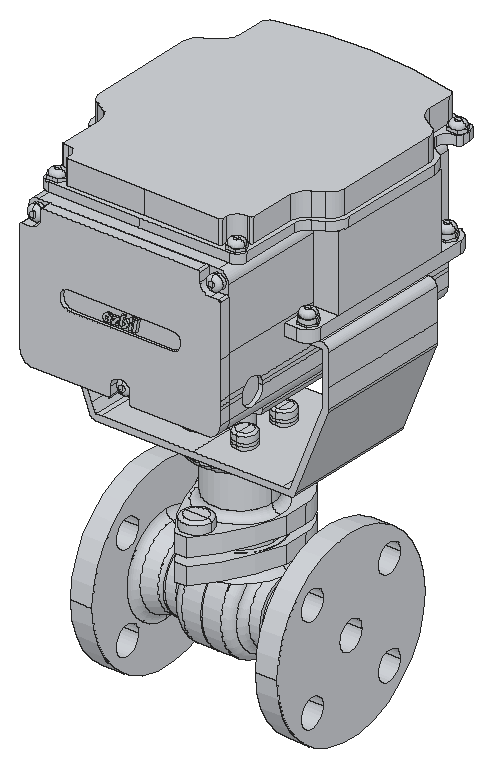
Revit family "電動二方弁(ロゴあり)", category Electrical Equipment, Revit 2022
Family settings
  Round Connector Dimension = Use Diameter
  Part Type = Other Panel
  OmniClass Number = 23.80.30.11.17
  OmniClass Title = Distribution Boards and Control Panels
  Work Plane-Based = No
  Always vertical = Yes
  Cut with Voids When Loaded = No
  Maintain Annotation Orientation = No
  Shared = No
  Room Calculation Point = No
Parameters
  配線φ(左側) [instance] = 14.031 mm
  配線φ(右側) [instance] = 14.031 mm
  配管φ [instance] = 95 mm
  配管2φ [instance] = 95 mm
  Default Elevation = 0 mm
  IfcObjectType = ""
  IfcName = ""
  IfcLongName = ""
  IfcExportType = ""
  IfcExportAs = ""
  IfcDescription = ""
Reference planes
  plane 1 "中心(正面/背面)": y = 0
  plane 2: z = 0
  plane 3 "中心(左/右)": x = 0
Forms (mm)
  Extrusion 1, solid
    sketch origin (0, 0, -77.064) x (0, 1, 0) y (0, 0, 1)
      loop
        circle (0, 124.5) r 47.5
    from 45.882 to 56.882
  Extrusion 2, void
    sketch origin (0, 0, -77) x (0, 1, 0) y (0, 0, 1)
      loop
        circle (-24.749, 149.249) r 7.5
    from 45.882 to 56.882
  Extrusion 3, void
    sketch origin (0, 49.497, -77) x (0, 1, 0) y (0, 0, 1)
      loop
        circle (-24.749, 149.249) r 7.5
    from 45.882 to 56.882
  Extrusion 4, void
    sketch origin (0, 0, -126.498) x (0, 1, 0) y (0, 0, 1)
      loop
        circle (-24.749, 149.249) r 7.5
    from 45.882 to 56.882
  Extrusion 5, void
    sketch origin (0, 49.497, -126.498) x (0, 1, 0) y (0, 0, 1)
      loop
        circle (-24.749, 149.249) r 7.5
    from 45.882 to 56.882
  Extrusion 6, void
    sketch origin (0, 24.749, -101.749) x (0, 1, 0) y (0, 0, 1)
      loop
        circle (-24.749, 149.249) r 7.5
    from 45.882 to 56.882
  Extrusion 7, solid
    sketch origin (-95, 0, -77.064) x (0, 1, 0) y (0, 0, 1)
      loop
        circle (0, 124.5) r 47.5
    from 45.882 to 56.882
  Extrusion 8, void
    sketch origin (-95, 0, -77) x (0, 1, 0) y (0, 0, 1)
      loop
        circle (-24.749, 149.249) r 7.5
    from 45.882 to 56.882
  Extrusion 9, solid
    sketch origin (0.118, 0, 0) x (1, 0, 0) y (0, 0, 1)
      loop
        line (-51.618, 196.3) -> (-51.618, 199.5) -> (-66.618, 199.5)
        arc (-66.618, 199.5) -> (-69.235, 198.416) -> (-70.318, 195.8) r 3.7
        line (-70.318, 195.8) -> (-70.318, 179.5) -> (-70.318, 169.594)
        arc (-70.318, 169.594) -> (-70.255, 168.913) -> (-70.068, 168.255) r 3.7
        line (-70.068, 168.255) -> (-53.226, 124.861)
        arc (-53.226, 124.861) -> (-51.866, 123.147) -> (-49.776, 122.5) r 3.7
        line (-49.776, 122.5) -> (49.539, 122.5)
        arc (49.539, 122.5) -> (51.629, 123.147) -> (52.989, 124.861) r 3.7
        line (52.989, 124.861) -> (69.831, 168.255)
        arc (69.831, 168.255) -> (70.018, 168.913) -> (70.082, 169.594) r 3.7
        line (70.082, 169.594) -> (70.082, 179.5) -> (70.082, 195.8)
        arc (70.082, 195.8) -> (68.998, 198.416) -> (66.382, 199.5) r 3.7
        line (66.382, 199.5) -> (51.182, 199.5) -> (51.182, 196.3) -> (66.382, 196.3)
        arc (66.382, 196.3) -> (66.735, 196.154) -> (66.882, 195.8) r 0.5
        line (66.882, 195.8) -> (66.882, 169.5) -> (64.355, 162.99) -> (49.882, 125.7) -> (46.449, 125.7) -> (-0.118, 125.7) -> (-46.686, 125.7) -> (-50.118, 125.7) -> (-51.928, 130.361) -> (-64.592, 162.99) -> (-67.118, 169.5) -> (-67.118, 195.8)
        arc (-67.118, 195.8) -> (-66.972, 196.154) -> (-66.618, 196.3) r 0.5
        line (-66.618, 196.3) -> (-51.618, 196.3)
    from -38.424 to 30.5
  Extrusion 10, solid
    sketch origin (0, -461.789, 0) x (1, 0, 0) y (0, 1, 0)
      loop
        arc (0, 545.194) -> (-22.618, 543.895) -> (-44.938, 540.014) r 197.5
        arc (-44.938, 540.014) -> (-47.717, 538.253) -> (-48.8, 535.145) r 5
        line (-48.8, 535.145) -> (-48.8, 522.279)
        arc (-48.8, 522.279) -> (-50.006, 517.779) -> (-53.3, 514.485) r 9
        line (-53.3, 514.485) -> (-58.8, 511.309)
        arc (-58.8, 511.309) -> (-61.728, 508.381) -> (-62.8, 504.381) r 8
        line (-62.8, 504.381) -> (-62.8, 450.408)
        arc (-62.8, 450.408) -> (-61.728, 446.408) -> (-58.8, 443.479) r 8
        line (-58.8, 443.479) -> (-53.3, 440.304)
        arc (-53.3, 440.304) -> (-50.006, 437.01) -> (-48.8, 432.51) r 9
        line (-48.8, 432.51) -> (-48.8, 409.394)
        arc (-48.8, 409.394) -> (-48.507, 408.687) -> (-47.8, 408.394) r 1
        line (-47.8, 408.394) -> (-46, 408.394)
        arc (-46, 408.394) -> (-41.757, 406.637) -> (-40, 402.394) r 6
        line (-40, 402.394) -> (-40, 400.594)
        arc (-40, 400.594) -> (-39.707, 399.887) -> (-39, 399.594) r 1
        line (-39, 399.594) -> (0, 399.594) -> (39, 399.594)
        arc (39, 399.594) -> (39.707, 399.887) -> (40, 400.594) r 1
        line (40, 400.594) -> (40, 402.394)
        arc (40, 402.394) -> (41.757, 406.637) -> (46, 408.394) r 6
        line (46, 408.394) -> (47.8, 408.394)
        arc (47.8, 408.394) -> (48.507, 408.687) -> (48.8, 409.394) r 1
        line (48.8, 409.394) -> (48.8, 432.51)
        arc (48.8, 432.51) -> (50.006, 437.01) -> (53.3, 440.304) r 9
        line (53.3, 440.304) -> (58.8, 443.479)
        arc (58.8, 443.479) -> (61.728, 446.408) -> (62.8, 450.408) r 8
        line (62.8, 450.408) -> (62.8, 504.381)
        arc (62.8, 504.381) -> (61.728, 508.381) -> (58.8, 511.309) r 8
        line (58.8, 511.309) -> (53.3, 514.485)
        arc (53.3, 514.485) -> (50.006, 517.779) -> (48.8, 522.279) r 9
        line (48.8, 522.279) -> (48.8, 535.145)
        arc (48.8, 535.145) -> (47.717, 538.253) -> (44.938, 540.014) r 5
        arc (44.938, 540.014) -> (22.618, 543.895) -> (0, 545.194) r 197.5
    from 248.5 to 260.5
  Extrusion 11, solid
    sketch origin (0, -461.789, 0) x (1, 0, 0) y (0, 1, 0)
      loop
        arc (0, 547.894) -> (-28.126, 545.907) -> (-55.692, 539.984) r 200
        arc (-55.692, 539.984) -> (-58.298, 538.185) -> (-59.3, 535.182) r 5
        line (-59.3, 535.182) -> (-59.3, 531.092)
        arc (-59.3, 531.092) -> (-58.732, 529.695) -> (-57.35, 529.092) r 2
        arc (-57.35, 529.092) -> (-53.205, 527.284) -> (-51.5, 523.094) r 6
        line (-51.5, 523.094) -> (-51.5, 522.106)
        arc (-51.5, 522.106) -> (-52.304, 519.106) -> (-54.5, 516.909) r 6
        line (-54.5, 516.909) -> (-60.5, 513.445)
        arc (-60.5, 513.445) -> (-64.16, 509.785) -> (-65.5, 504.785) r 10
        line (-65.5, 504.785) -> (-65.5, 450.003)
        arc (-65.5, 450.003) -> (-64.16, 445.003) -> (-60.5, 441.343) r 10
        line (-60.5, 441.343) -> (-55, 438.168)
        arc (-55, 438.168) -> (-52.438, 435.606) -> (-51.5, 432.106) r 7
        line (-51.5, 432.106) -> (-51.5, 401.894)
        arc (-51.5, 401.894) -> (-50.036, 398.359) -> (-46.5, 396.894) r 5
        line (-46.5, 396.894) -> (0, 396.894) -> (46.5, 396.894)
        arc (46.5, 396.894) -> (50.036, 398.359) -> (51.5, 401.894) r 5
        line (51.5, 401.894) -> (51.5, 432.106)
        arc (51.5, 432.106) -> (52.438, 435.606) -> (55, 438.168) r 7
        line (55, 438.168) -> (60.5, 441.343)
        arc (60.5, 441.343) -> (64.16, 445.003) -> (65.5, 450.003) r 10
        line (65.5, 450.003) -> (65.5, 504.785)
        arc (65.5, 504.785) -> (64.16, 509.785) -> (60.5, 513.445) r 10
        line (60.5, 513.445) -> (54.5, 516.909)
        arc (54.5, 516.909) -> (52.304, 519.106) -> (51.5, 522.106) r 6
        line (51.5, 522.106) -> (51.5, 523.094)
        arc (51.5, 523.094) -> (53.205, 527.284) -> (57.35, 529.092) r 6
        arc (57.35, 529.092) -> (58.732, 529.695) -> (59.3, 531.092) r 2
        line (59.3, 531.092) -> (59.3, 535.182)
        arc (59.3, 535.182) -> (58.298, 538.185) -> (55.692, 539.984) r 5
        arc (55.692, 539.984) -> (28.126, 545.907) -> (0, 547.894) r 200
    from 244 to 248.5
  Extrusion 12, solid
    sketch origin (0, -461.789, 0) x (1, 0, 0) y (0, 1, 0)
      loop
        circle (-58, 432.394) r 4.25
    from 206.5 to 208.5
  Extrusion 13, solid
    sketch origin (0, -461.789, 0) x (1, 0, 0) y (0, 1, 0)
      loop
        line (-60.454, 436.644) -> (-62.907, 432.394) -> (-60.454, 428.144) -> (-55.546, 428.144) -> (-53.093, 432.394) -> (-55.546, 436.644) -> (-58, 436.644) -> (-60.454, 436.644)
    from 205.5 to 206.5
  Revolve 14, solid, detail levels fine
    sketch origin (91.963, -59.403, 0) x (1, 0, 0) y (0, 0, 1)
      loop
        arc (-47.868, 252.7) -> (-49.481, 251.883) -> (-49.776, 250.1) r 2
        line (-49.776, 250.1) -> (-46.118, 250.1) -> (-46.118, 252.7) -> (-47.868, 252.7)
      axis (-46.118, 252.7) -> (-46.118, 250.1)
    angle from 0 to 360
  Revolve 15, solid
    sketch origin (-0.037, -59.403, 0) x (1, 0, 0) y (0, 0, 1)
      loop
        arc (-47.868, 252.7) -> (-49.481, 251.883) -> (-49.776, 250.1) r 2
        line (-49.776, 250.1) -> (-46.118, 250.1) -> (-46.118, 252.7) -> (-47.868, 252.7)
      axis (-46.118, 252.7) -> (-46.118, 250.1)
    angle from 0 to 360
  Extrusion 16, solid
    sketch origin (0.118, -20, 0) x (1, 0, 0) y (0, 0, 1)
      loop
        line (-46.13, 233.5) -> (-50.618, 233.5)
        arc (-50.618, 233.5) -> (-51.326, 233.207) -> (-51.618, 232.5) r 1
        line (-51.618, 232.5) -> (-51.618, 206.5) -> (-51.618, 187.2) -> (-51.618, 184.874) -> (-51.618, 182.778) -> (-51.618, 176)
        arc (-51.618, 176) -> (-49.568, 171.05) -> (-44.618, 169) r 7
        line (-44.618, 169) -> (-6.118, 169)
        arc (-6.118, 169) -> (-5.411, 169.293) -> (-5.118, 170) r 1
        line (-5.118, 170) -> (-5.118, 174.5)
        arc (-5.118, 174.5) -> (-3.654, 178.036) -> (-0.118, 179.5) r 5
        arc (-0.118, 179.5) -> (3.417, 178.036) -> (4.882, 174.5) r 5
        line (4.882, 174.5) -> (4.882, 170)
        arc (4.882, 170) -> (5.174, 169.293) -> (5.882, 169) r 1
        line (5.882, 169) -> (44.382, 169)
        arc (44.382, 169) -> (49.331, 171.05) -> (51.382, 176) r 7
        line (51.382, 176) -> (51.382, 182.778) -> (51.382, 184.874) -> (51.382, 187.2) -> (51.382, 206.5) -> (51.382, 232.5)
        arc (51.382, 232.5) -> (51.089, 233.207) -> (50.382, 233.5) r 1
        line (50.382, 233.5) -> (45.893, 233.5)
        arc (45.893, 233.5) -> (42.358, 234.965) -> (40.893, 238.5) r 5
        line (40.893, 238.5) -> (40.893, 243)
        arc (40.893, 243) -> (40.601, 243.707) -> (39.893, 244) r 1
        line (39.893, 244) -> (-40.13, 244)
        arc (-40.13, 244) -> (-40.838, 243.707) -> (-41.13, 243) r 1
        line (-41.13, 243) -> (-41.13, 238.5)
        arc (-41.13, 238.5) -> (-42.595, 234.965) -> (-46.13, 233.5) r 5
    from 51.5 to 57
  Extrusion 17, solid
    sketch origin (0, 0, 0) x (1, 0, 0) y (0, 0, 1)
      loop
        line (-13.607, 161) -> (-13.607, 139.5) -> (-0.118, 139.5) -> (13.607, 139.5) -> (13.607, 161) -> (-0.118, 161) -> (-13.607, 161)
    from -13.607 to 13.607
  Revolve 18, solid
    sketch origin (0, 0, 0) x (0, 1, 0) y (0, 0, 1)
      loop
        line (-6, 137.956) -> (-6.5, 137.09) -> (-6.5, 125.7) -> (0, 125.7) -> (0, 137.956) -> (-6, 137.956)
      axis (0, 137.956) -> (0, 125.7)
    angle from 0 to 360
  Revolve 19, solid
    sketch origin (-12.5, 0, 0) x (0, 1, 0) y (0, 0, 1)
      loop
        arc (-16.752, 132.9) -> (-17.541, 132.594) -> (-18.025, 131.9) r 1.452
        line (-18.025, 131.9) -> (-18.025, 128.9) -> (-12.5, 128.9) -> (-12.5, 132.9) -> (-16.752, 132.9)
      axis (-12.5, 132.9) -> (-12.5, 128.9)
    angle from 0 to 360
  Extrusion 20, solid, detail levels fine
    sketch origin (103.688, -491.798, 0) x (1, 0, 0) y (0, 1, 0)
      loop
        line (-60.731, 436.165) -> (-62.907, 432.394) -> (-60.775, 428.7) -> (-55.225, 428.7) -> (-53.093, 432.394) -> (-55.269, 436.165) -> (-58, 436.165) -> (-60.731, 436.165)
    from 248.5 to 250.1
  Extrusion 21, solid
    sketch origin (11.688, -491.798, 0) x (1, 0, 0) y (0, 1, 0)
      loop
        line (-60.731, 436.165) -> (-62.907, 432.394) -> (-60.775, 428.7) -> (-55.225, 428.7) -> (-53.093, 432.394) -> (-55.269, 436.165) -> (-58, 436.165) -> (-60.731, 436.165)
    from 248.5 to 250.1
  Extrusion 22, solid
    sketch origin (0, 0, 0) x (1, 0, 0) y (0, 0, 1)
      loop
        arc (51.382, 238.7) -> (49.829, 242.448) -> (46.082, 244) r 5.3
        line (46.082, 244) -> (-46.318, 244)
        arc (-46.318, 244) -> (-50.066, 242.448) -> (-51.618, 238.7) r 5.3
        line (-51.618, 238.7) -> (-51.618, 206.5) -> (-51.618, 187.2) -> (-51.618, 184.874) -> (-51.618, 182.778) -> (-51.618, 176)
        arc (-51.618, 176) -> (-49.568, 171.05) -> (-44.618, 169) r 7
        line (-44.618, 169) -> (-0.118, 169) -> (44.382, 169)
        arc (44.382, 169) -> (49.331, 171.05) -> (51.382, 176) r 7
        line (51.382, 176) -> (51.382, 182.778) -> (51.382, 184.874) -> (51.382, 187.2) -> (51.382, 206.5) -> (51.382, 238.7)
    from -69.008 to 71.5
  Extrusion 23, solid, detail levels medium+fine
    sketch origin (0, 0, 0) x (1, 0, 0) y (0, 0, 1)
      loop
        arc (-56.98, 162.726) -> (-58.567, 164.386) -> (-60.863, 164.437) r 3
        line (-60.863, 164.437) -> (-64.592, 162.99) -> (-51.928, 130.361) -> (-48.199, 131.809)
        arc (-48.199, 131.809) -> (-46.539, 133.395) -> (-46.487, 135.691) r 3
        line (-46.487, 135.691) -> (-56.98, 162.726)
    from -4.258 to 4.152
  Revolve 24, solid
    sketch origin (0, 0, 0) x (1, 0, 0) y (0, 0, 1)
      loop
        line (-27.754, 65.728) -> (-34.829, 68.303)
        arc (-34.829, 68.303) -> (-37.214, 70.133) -> (-38.118, 73.001) r 5
        line (-38.118, 73.001) -> (-38.118, 47.5) -> (-24.643, 47.5) -> (-24.643, 65.897)
        arc (-24.643, 65.897) -> (-26.18, 65.505) -> (-27.754, 65.728) r 4
      axis (-38.118, 47.5) -> (-24.643, 47.5)
    angle from 0 to 360
  Revolve 25, solid
    sketch origin (0, 0, 0) x (1, 0, 0) y (0, 0, 1)
      loop
        line (45.882, 47.5) -> (24.643, 47.5) -> (24.643, 30.5) -> (31.652, 30.5) -> (38.006, 30.5)
        arc (38.006, 30.5) -> (40.717, 30.126) -> (43.224, 29.03) r 10
        arc (43.224, 29.03) -> (45.166, 27.191) -> (45.882, 24.613) r 5
        line (45.882, 24.613) -> (45.882, 47.5)
      axis (24.643, 47.5) -> (45.882, 47.5)
    angle from 0 to 360
  Revolve 26, solid
    sketch origin (0, 0, 0) x (1, 0, 0) y (0, 0, 1)
      loop
        line (-24.643, 47.5) -> (-24.643, 29.5) -> (-18.893, 29.5)
        arc (-18.893, 29.5) -> (-16.399, 28.627) -> (-14.994, 26.389) r 4
        arc (-14.994, 26.389) -> (-13.237, 23.591) -> (-10.118, 22.5) r 5
        line (-10.118, 22.5) -> (0, 22.5) -> (0, 47.5) -> (-24.643, 47.5)
      axis (0, 47.5) -> (-24.643, 47.5)
    angle from 0 to 360
  Revolve 27, solid
    sketch origin (0, 0, 0) x (-1, 0, 0) y (0, 0, 1)
      loop
        line (-24.643, 47.5) -> (-24.643, 29.5) -> (-18.893, 29.5)
        arc (-18.893, 29.5) -> (-16.399, 28.627) -> (-14.994, 26.389) r 4
        arc (-14.994, 26.389) -> (-13.237, 23.591) -> (-10.118, 22.5) r 5
        line (-10.118, 22.5) -> (0, 22.5) -> (0, 47.5) -> (-24.643, 47.5)
      axis (0, 47.5) -> (-24.643, 47.5)
    angle from 0 to 360
  Revolve 28, solid
    sketch origin (-12.5, 0, 0) x (0, 1, 0) y (0, 0, 1)
      loop
        line (-18.025, 128.9) -> (-18.025, 127.3) -> (-18.025, 125.7) -> (-12.5, 125.7) -> (-12.5, 128.9) -> (-18.025, 128.9)
      axis (-12.5, 128.9) -> (-12.5, 125.7)
    angle from 0 to 360
  Revolve 29, solid
    sketch origin (-12.5, 25, 0) x (0, 1, 0) y (0, 0, 1)
      loop
        arc (-16.752, 132.9) -> (-17.541, 132.594) -> (-18.025, 131.9) r 1.452
        line (-18.025, 131.9) -> (-18.025, 128.9) -> (-12.5, 128.9) -> (-12.5, 132.9) -> (-16.752, 132.9)
      axis (-12.5, 132.9) -> (-12.5, 128.9)
    angle from 0 to 360
  Revolve 30, solid
    sketch origin (-12.5, 25, 0) x (0, 1, 0) y (0, 0, 1)
      loop
        line (-18.025, 128.9) -> (-18.025, 127.3) -> (-18.025, 125.7) -> (-12.5, 125.7) -> (-12.5, 128.9) -> (-18.025, 128.9)
      axis (-12.5, 128.9) -> (-12.5, 125.7)
    angle from 0 to 360
  Revolve 31, solid
    sketch origin (12.5, 0, 0) x (0, 1, 0) y (0, 0, 1)
      loop
        arc (-16.752, 132.9) -> (-17.541, 132.594) -> (-18.025, 131.9) r 1.452
        line (-18.025, 131.9) -> (-18.025, 128.9) -> (-12.5, 128.9) -> (-12.5, 132.9) -> (-16.752, 132.9)
      axis (-12.5, 132.9) -> (-12.5, 128.9)
    angle from 0 to 360
  Revolve 32, solid
    sketch origin (12.5, 0, 0) x (0, 1, 0) y (0, 0, 1)
      loop
        line (-18.025, 128.9) -> (-18.025, 127.3) -> (-18.025, 125.7) -> (-12.5, 125.7) -> (-12.5, 128.9) -> (-18.025, 128.9)
      axis (-12.5, 128.9) -> (-12.5, 125.7)
    angle from 0 to 360
  Revolve 33, solid
    sketch origin (12.5, 25, 0) x (0, 1, 0) y (0, 0, 1)
      loop
        arc (-16.752, 132.9) -> (-17.541, 132.594) -> (-18.025, 131.9) r 1.452
        line (-18.025, 131.9) -> (-18.025, 128.9) -> (-12.5, 128.9) -> (-12.5, 132.9) -> (-16.752, 132.9)
      axis (-12.5, 132.9) -> (-12.5, 128.9)
    angle from 0 to 360
  Revolve 34, solid
    sketch origin (12.5, 25, 0) x (0, 1, 0) y (0, 0, 1)
      loop
        line (-18.025, 128.9) -> (-18.025, 127.3) -> (-18.025, 125.7) -> (-12.5, 125.7) -> (-12.5, 128.9) -> (-18.025, 128.9)
      axis (-12.5, 128.9) -> (-12.5, 125.7)
    angle from 0 to 360
  Revolve 35, solid
    sketch origin (0, 0, 0) x (1, 0, 0) y (0, 0, 1)
      loop
        line (-4.75, 139.5) -> (-4.75, 137.956) -> (0, 137.956) -> (0, 139.5) -> (-4.75, 139.5)
      axis (0, 139.5) -> (0, 137.956)
    angle from 0 to 360
  Revolve 36, solid
    sketch origin (0, 0, 0) x (1, 0, 0) y (0, 0, 1)
      loop
        line (0, 77) -> (-20, 77) -> (-20, 73.103)
        arc (-20, 73.103) -> (-21.527, 68.402) -> (-25.524, 65.495) r 8
        line (-25.524, 65.495) -> (-18.847, 65.495)
        arc (-18.847, 65.495) -> (-16.351, 66.373) -> (-14.953, 68.62) r 3.988
        arc (-14.953, 68.62) -> (-13.31, 71.404) -> (-10.268, 72.5) r 4.769
        line (-10.268, 72.5) -> (0, 72.5) -> (0, 77)
      axis (0, 77) -> (0, 65.495)
    angle from 0 to 360
  Extrusion 37, solid
    sketch origin (0, 0, 0) x (1, 0, 0) y (0, 0, 1)
      loop
        line (-47, 169.152) -> (-47, 167.5)
        arc (-47, 167.5) -> (-46.121, 165.379) -> (-44, 164.5) r 3
        line (-44, 164.5) -> (44, 164.5)
        arc (44, 164.5) -> (46.121, 165.379) -> (47, 167.5) r 3
        line (47, 167.5) -> (47, 169.462)
        arc (47, 169.462) -> (45.784, 169.119) -> (44.525, 169) r 7
        line (44.525, 169) -> (-42.442, 169)
        arc (-42.442, 169) -> (-44.734, 168.695) -> (-47, 169.152) r 7
    from -44 to 44
  Revolve 38, solid
    sketch origin (0, -28, 0) x (1, 0, 0) y (0, 0, 1)
      loop
        line (0, 95.717) -> (-5.688, 95.717)
        arc (-5.688, 95.717) -> (-6.779, 95.427) -> (-7.583, 94.633) r 2.201
        line (-7.583, 94.633) -> (-7.583, 90.3) -> (0, 90.3) -> (0, 95.717)
      axis (0, 95.717) -> (0, 90.3)
    angle from 0 to 360
  Revolve 39, solid
    sketch origin (0, 0, 0) x (1, 0, 0) y (0, 0, 1)
      loop
        arc (-18.5, 115.3) -> (-17.086, 114.714) -> (-16.5, 113.3) r 2
        line (-16.5, 113.3) -> (-16.5, 94.3)
        arc (-16.5, 94.3) -> (-17.672, 91.472) -> (-20.5, 90.3) r 4
        line (-20.5, 90.3) -> (0, 90.3) -> (0, 115.3) -> (-18.5, 115.3)
      axis (0, 90.3) -> (0, 115.3)
    angle from 0 to 360
  Revolve 40, solid, detail levels fine
    sketch origin (0, 0, 0) x (1, 0, 0) y (0, 0, 1)
      loop
        line (-4, 81.3) -> (-4, 77) -> (0, 77) -> (0, 81.3) -> (-4, 81.3)
      axis (0, 77) -> (0, 81.3)
    angle from 0 to 360
  Extrusion 41, solid
    sketch origin (0, -461.789, 210) x (1, 0, 0) y (0, 1, 0)
      loop
        line (65, 432.394) -> (65, 522.394)
        arc (65, 522.394) -> (63.715, 526.436) -> (60.333, 528.994) r 7
        arc (60.333, 528.994) -> (59.578, 529.473) -> (59.107, 530.234) r 2
        arc (59.107, 530.234) -> (58.39, 529.415) -> (57.35, 529.092) r 2
        arc (57.35, 529.092) -> (53.205, 527.284) -> (51.5, 523.094) r 6
        line (51.5, 523.094) -> (51.5, 425.394) -> (58, 425.394)
        arc (58, 425.394) -> (62.95, 427.445) -> (65, 432.394) r 7
    from -10.5 to -4.5
  Extrusion 42, solid
    sketch origin (0, -461.789, 210) x (-1, 0, 0) y (0, -1, 0)
      loop
        arc (65, -432.394) -> (62.95, -427.445) -> (58, -425.394) r 7
        line (58, -425.394) -> (51.5, -425.394) -> (51.5, -523.094)
        arc (51.5, -523.094) -> (53.205, -527.284) -> (57.35, -529.092) r 6
        arc (57.35, -529.092) -> (58.39, -529.415) -> (59.107, -530.234) r 2
        arc (59.107, -530.234) -> (59.578, -529.473) -> (60.333, -528.994) r 2
        arc (60.333, -528.994) -> (63.715, -526.436) -> (65, -522.394) r 7
        line (65, -522.394) -> (65, -432.394)
    from -10.5 to -4.5
  Extrusion 43, solid, detail levels medium+fine
    sketch origin (0, 0, 0) x (-1, 0, 0) y (0, 0, -1)
      loop
        line (-56.98, -162.726) -> (-46.487, -135.691)
        arc (-46.487, -135.691) -> (-46.539, -133.395) -> (-48.199, -131.809) r 3
        line (-48.199, -131.809) -> (-51.928, -130.361) -> (-64.592, -162.99) -> (-60.863, -164.437)
        arc (-60.863, -164.437) -> (-58.567, -164.386) -> (-56.98, -162.726) r 3
    from -4.258 to 4.152
  Extrusion 44, solid
    sketch origin (0, 0, 0) x (1, 0, 0) y (0, 0, 1)
      loop
        line (-28.5, 161) -> (28.5, 161) -> (28.5, 161.788) -> (-28.5, 161.788) -> (-28.5, 161)
    from -28.5 to 28.511
  Revolve 45, solid
    sketch origin (0, -30, 0) x (1, 0, 0) y (0, 0, 1)
      loop
        line (-60.5, 199.5) -> (-60.5, 197.236) -> (-58.25, 197.236) -> (-58.25, 199.5) -> (-60.5, 199.5)
      axis (-58.25, 199.5) -> (-58.25, 197.236)
    angle from 0 to 360
  Revolve 46, solid
    sketch origin (0, 60, 0) x (1, 0, 0) y (0, 0, 1)
      loop
        line (-60.5, 199.5) -> (-60.5, 197.236) -> (-58.25, 197.236) -> (-58.25, 199.5) -> (-60.5, 199.5)
      axis (-58.25, 199.5) -> (-58.25, 197.236)
    angle from 0 to 360
  Revolve 47, solid
    sketch origin (116.875, -30, 0) x (1, 0, 0) y (0, 0, 1)
      loop
        line (-60.5, 199.5) -> (-60.5, 197.236) -> (-58.25, 197.236) -> (-58.25, 199.5) -> (-60.5, 199.5)
      axis (-58.25, 199.5) -> (-58.25, 197.236)
    angle from 0 to 360
  Revolve 48, solid
    sketch origin (116.875, 60, 0) x (1, 0, 0) y (0, 0, 1)
      loop
        line (-60.5, 199.5) -> (-60.5, 197.236) -> (-58.25, 197.236) -> (-58.25, 199.5) -> (-60.5, 199.5)
      axis (-58.25, 199.5) -> (-58.25, 197.236)
    angle from 0 to 360
  Extrusion 49, solid
    sketch origin (-364.746, -162.773, 80.3) x (1, 0, 0) y (0, 1, 0)
      loop
        arc (341.746, 163.987) -> (349.545, 143.272) -> (361.7, 124.773) r 100.225
        line (361.7, 124.773) -> (367.792, 124.773)
        arc (367.792, 124.773) -> (379.948, 143.272) -> (387.746, 163.987) r 100.225
        line (387.746, 163.987) -> (387.746, 176.305)
        arc (387.746, 176.305) -> (383.257, 189.309) -> (371.7, 196.773) r 21.077
        line (371.7, 196.773) -> (357.792, 196.773)
        arc (357.792, 196.773) -> (346.236, 189.309) -> (341.746, 176.305) r 21.077
        line (341.746, 176.305) -> (341.746, 163.987)
    from 1 to 10
  Revolve 50, solid
    sketch origin (0, 0, 0) x (1, 0, 0) y (0, 0, 1)
      loop
        line (-25, 122.5) -> (-25, 117.3)
        arc (-25, 117.3) -> (-24.414, 115.886) -> (-23, 115.3) r 2
        line (-23, 115.3) -> (0, 115.3) -> (0, 122.5) -> (-25, 122.5)
      axis (0, 115.3) -> (0, 122.5)
    angle from 0 to 360
  Extrusion 51, solid
    sketch origin (-364.746, -162.773, 67) x (1, 0, 0) y (0, 1, 0)
      loop
        arc (341.746, 163.987) -> (349.545, 143.272) -> (361.7, 124.773) r 100.225
        line (361.7, 124.773) -> (367.792, 124.773)
        arc (367.792, 124.773) -> (379.948, 143.272) -> (387.746, 163.987) r 100.225
        line (387.746, 163.987) -> (387.746, 176.305)
        arc (387.746, 176.305) -> (383.257, 189.309) -> (371.7, 196.773) r 21.077
        line (371.7, 196.773) -> (357.792, 196.773)
        arc (357.792, 196.773) -> (346.236, 189.309) -> (341.746, 176.305) r 21.077
        line (341.746, 176.305) -> (341.746, 163.987)
    from 1 to 10
  Revolve 52, solid, detail levels medium+fine
    sketch origin (-13.227, 0, 0) x (1, 0, 0) y (0, 0, 1)
      loop
        line (-4.273, 81.3) -> (-4.273, 77) -> (13.227, 77) -> (13.227, 81.3) -> (-4.273, 81.3)
      axis (13.227, 77) -> (13.227, 81.3)
    angle from 0 to 360
  Extrusion 53, void
    sketch origin (-95, 49.497, -77) x (0, 1, 0) y (0, 0, 1)
      loop
        circle (-24.749, 149.249) r 7.5
    from 45.882 to 56.882
  Extrusion 54, void
    sketch origin (-95, 49.497, -126.498) x (0, 1, 0) y (0, 0, 1)
      loop
        circle (-24.749, 149.249) r 7.5
    from 45.882 to 56.882
  Extrusion 55, void
    sketch origin (0, 0, -126.498) x (0, 1, 0) y (0, 0, 1)
      loop
        circle (-24.749, 149.249) r 7.5
    from 45.882 to 56.882
  Extrusion 56, void
    sketch origin (-95, 0, -126.498) x (0, 1, 0) y (0, 0, 1)
      loop
        circle (-24.749, 149.249) r 7.5
    from 45.882 to 56.882
  Extrusion 57, void
    sketch origin (-95, 24.749, -101.749) x (0, 1, 0) y (0, 0, 1)
      loop
        circle (-24.749, 149.249) r 7.5
    from 45.882 to 56.882
  Revolve 58, solid
    sketch origin (-46.056, 5.5, 0) x (0, 1, 0) y (0, 0, 1)
      loop
        arc (-78.6, 242.158) -> (-80.383, 241.863) -> (-81.2, 240.25) r 2
        line (-81.2, 240.25) -> (-81.2, 238.5) -> (-78.6, 238.5) -> (-78.6, 242.158)
      axis (-78.6, 238.5) -> (-81.2, 238.5)
    angle from 0 to 360
  Revolve 59, solid
    sketch origin (-46.014, 5.5, 0) x (0, 1, 0) y (0, 0, 1)
      loop
        line (-78.6, 242.25) -> (-78.6, 238.5) -> (-77, 238.5) -> (-77, 242.25) -> (-78.6, 242.25)
      axis (-78.6, 238.5) -> (-77, 238.5)
    angle from 0 to 360
  Revolve 60, solid
    sketch origin (45.944, 5.5, 0) x (0, 1, 0) y (0, 0, 1)
      loop
        arc (-78.6, 242.158) -> (-80.383, 241.863) -> (-81.2, 240.25) r 2
        line (-81.2, 240.25) -> (-81.2, 238.5) -> (-78.6, 238.5) -> (-78.6, 242.158)
      axis (-78.6, 238.5) -> (-81.2, 238.5)
    angle from 0 to 360
  Revolve 61, solid
    sketch origin (45.986, 5.5, 0) x (0, 1, 0) y (0, 0, 1)
      loop
        line (-78.6, 242.25) -> (-78.6, 238.5) -> (-77, 238.5) -> (-77, 242.25) -> (-78.6, 242.25)
      axis (-78.6, 238.5) -> (-77, 238.5)
    angle from 0 to 360
  Revolve 62, solid
    sketch origin (-0.056, 5.5, -64) x (0, 1, 0) y (0, 0, 1)
      loop
        arc (-78.6, 242.158) -> (-80.383, 241.863) -> (-81.2, 240.25) r 2
        line (-81.2, 240.25) -> (-81.2, 238.5) -> (-78.6, 238.5) -> (-78.6, 242.158)
      axis (-78.6, 238.5) -> (-81.2, 238.5)
    angle from 0 to 360
  Revolve 63, solid
    sketch origin (-0.014, 5.5, -64) x (0, 1, 0) y (0, 0, 1)
      loop
        line (-78.6, 242.25) -> (-78.6, 238.5) -> (-77, 238.5) -> (-77, 242.25) -> (-78.6, 242.25)
      axis (-78.6, 238.5) -> (-77, 238.5)
    angle from 0 to 360
  Extrusion 64, solid
    sketch origin (0, 0, 0) x (1, 0, 0) y (0, 0, 1)
      loop
        line (-65, 244) -> (-65, 205.5) -> (-51.618, 205.5) -> (-51.618, 238.7)
        arc (-51.618, 238.7) -> (-50.066, 242.448) -> (-46.318, 244) r 5.3
        line (-46.318, 244) -> (-65, 244)
    from -47.676 to 17.676
  Extrusion 65, solid
    sketch origin (0, 0, 0) x (-1, 0, 0) y (0, 0, -1)
      loop
        line (-65, -244) -> (-46.318, -244)
        arc (-46.318, -244) -> (-50.066, -242.448) -> (-51.618, -238.7) r 5.3
        line (-51.618, -238.7) -> (-51.618, -205.5) -> (-65, -205.5) -> (-65, -244)
    from -47.676 to 17.676
  Extrusion 66, solid
    sketch origin (0, -80.547, 0) x (1, 0, 0) y (0, 0, 1)
      loop
        line (2.028, 209.479) -> (0.657, 209.479) -> (-0.164, 205.244)
        arc (-0.164, 205.244) -> (-0.148, 204.505) -> (0.171, 203.837) r 1.754
        arc (0.171, 203.837) -> (1.022, 203.478) -> (1.944, 203.525) r 2.069
        arc (1.944, 203.525) -> (3.516, 204.557) -> (4.213, 206.303) r 3.13
        arc (4.213, 206.303) -> (3.45, 207.476) -> (2.05, 207.488) r 1.479
        line (2.05, 207.488) -> (1.419, 206.337) -> (2.028, 209.479)
      loop
        line (7.636, 209.479) -> (6.586, 203.521) -> (7.957, 203.521) -> (9.008, 209.479) -> (7.636, 209.479)
      loop
        line (5.782, 203.521) -> (6.389, 206.963)
        arc (6.389, 206.963) -> (5.696, 206.683) -> (4.953, 206.603) r 2.712
        line (4.953, 206.603) -> (4.41, 203.521) -> (5.782, 203.521)
      loop
        line (-4.41, 203.521) -> (-0.981, 203.521) -> (-0.781, 204.656) -> (-2.4, 204.656) -> (-0.508, 206.642) -> (-0.342, 207.493) -> (-3.677, 207.493) -> (-3.877, 206.358) -> (-2.297, 206.358) -> (-4.254, 204.401) -> (-4.41, 203.521)
      loop
        arc (-4.811, 205.09) -> (-4.628, 206.587) -> (-5.775, 207.566) r 1.594
        arc (-5.775, 207.566) -> (-7.883, 206.92) -> (-8.997, 205.017) r 3.033
        arc (-8.997, 205.017) -> (-8.305, 203.731) -> (-6.863, 203.502) r 1.646
        line (-6.863, 203.502) -> (-6.23, 204.656) -> (-6.372, 203.521) -> (-4.978, 203.521)
        arc (-4.978, 203.521) -> (-4.916, 204.308) -> (-4.811, 205.09) r 14.52
      loop
        spline (4.823, 207.767) -> (4.981, 207.669) -> (5.188, 207.637) -> (5.429, 207.673) -> (5.689, 207.775) -> (5.949, 207.936) -> (6.192, 208.146) -> (6.401, 208.389) -> (6.562, 208.649) -> (6.665, 208.909) -> (6.701, 209.15) -> (6.669, 209.357) -> (6.571, 209.514)
        spline (6.571, 209.514) -> (6.413, 209.613) -> (6.206, 209.645) -> (5.965, 209.609) -> (5.705, 209.506) -> (5.445, 209.345) -> (5.202, 209.136) -> (4.993, 208.893) -> (4.831, 208.632) -> (4.729, 208.373) -> (4.693, 208.131) -> (4.725, 207.925) -> (4.823, 207.767)
    from -4.5 to -3.547
  Extrusion 67, void
    sketch origin (0.074, -80.21, 0) x (1, 0, 0) y (0, 0, 1)
      loop
        spline (-7.641, 204.685) -> (-7.501, 204.603) -> (-7.315, 204.582) -> (-7.094, 204.626) -> (-6.854, 204.73) -> (-6.611, 204.887) -> (-6.381, 205.088) -> (-6.181, 205.318) -> (-6.023, 205.561) -> (-5.919, 205.801) -> (-5.875, 206.022) -> (-5.896, 206.208) -> (-5.978, 206.347)
        spline (-5.978, 206.347) -> (-6.117, 206.43) -> (-6.304, 206.45) -> (-6.525, 206.407) -> (-6.765, 206.303) -> (-7.008, 206.145) -> (-7.238, 205.945) -> (-7.438, 205.715) -> (-7.596, 205.472) -> (-7.7, 205.231) -> (-7.743, 205.011) -> (-7.723, 204.824) -> (-7.641, 204.685)
      loop
        spline (1.155, 204.646) -> (1.294, 204.563) -> (1.48, 204.543) -> (1.701, 204.587) -> (1.941, 204.691) -> (2.184, 204.848) -> (2.414, 205.049) -> (2.615, 205.278) -> (2.772, 205.522) -> (2.876, 205.762) -> (2.92, 205.983) -> (2.899, 206.169) -> (2.817, 206.308)
        spline (2.817, 206.308) -> (2.678, 206.391) -> (2.491, 206.411) -> (2.27, 206.368) -> (2.03, 206.264) -> (1.787, 206.106) -> (1.557, 205.906) -> (1.357, 205.676) -> (1.199, 205.433) -> (1.095, 205.192) -> (1.052, 204.972) -> (1.072, 204.785) -> (1.155, 204.646)
    from -4.163 to -2.257
  Extrusion 68, void
    sketch origin (290.159, 0, 0) x (1, 0, 0) y (0, 0, 1)
      loop
        line (-264, 211.5) -> (-316, 211.5)
        arc (-316, 211.5) -> (-321, 206.5) -> (-316, 201.5) r 5
        line (-316, 201.5) -> (-264, 201.5)
        arc (-264, 201.5) -> (-259, 206.5) -> (-264, 211.5) r 5
    from 75.124 to 77
  Revolve 69, solid
    sketch origin (-11.91, -29.395, -41.6) x (1, 0, 0) y (0, 0, 1)
      loop
        arc (-47.868, 253.422) -> (-49.691, 252.245) -> (-49.37, 250.1) r 2
        line (-49.37, 250.1) -> (-46.118, 250.1) -> (-46.118, 253.422) -> (-47.868, 253.422)
      axis (-46.118, 253.422) -> (-46.118, 250.1)
    angle from 0 to 360
  Extrusion 70, solid
    sketch origin (0, -372.414, 0) x (1, 0, 0) y (0, 1, 0)
      loop
        circle (-58, 432.394) r 4.25
    from 206.5 to 208.5
  Extrusion 71, solid
    sketch origin (0, -372.414, 0) x (1, 0, 0) y (0, 1, 0)
      loop
        line (-60.454, 436.644) -> (-62.907, 432.394) -> (-60.454, 428.144) -> (-55.546, 428.144) -> (-53.093, 432.394) -> (-55.546, 436.644) -> (-58, 436.644) -> (-60.454, 436.644)
    from 205.5 to 206.5
  Revolve 72, solid
    sketch origin (-11.91, 59.98, -41.6) x (1, 0, 0) y (0, 0, 1)
      loop
        arc (-47.868, 253.422) -> (-49.691, 252.245) -> (-49.37, 250.1) r 2
        line (-49.37, 250.1) -> (-46.118, 250.1) -> (-46.118, 253.422) -> (-47.868, 253.422)
      axis (-46.118, 253.422) -> (-46.118, 250.1)
    angle from 0 to 360
  Extrusion 73, solid
    sketch origin (116.5, -461.789, 0) x (1, 0, 0) y (0, 1, 0)
      loop
        circle (-58, 432.394) r 4.25
    from 206.5 to 208.5
  Extrusion 74, solid
    sketch origin (116.5, -461.789, 0) x (1, 0, 0) y (0, 1, 0)
      loop
        line (-60.454, 436.644) -> (-62.907, 432.394) -> (-60.454, 428.144) -> (-55.546, 428.144) -> (-53.093, 432.394) -> (-55.546, 436.644) -> (-58, 436.644) -> (-60.454, 436.644)
    from 205.5 to 206.5
  Revolve 75, solid
    sketch origin (104.59, -29.395, -41.6) x (1, 0, 0) y (0, 0, 1)
      loop
        arc (-47.868, 253.422) -> (-49.691, 252.245) -> (-49.37, 250.1) r 2
        line (-49.37, 250.1) -> (-46.118, 250.1) -> (-46.118, 253.422) -> (-47.868, 253.422)
      axis (-46.118, 253.422) -> (-46.118, 250.1)
    angle from 0 to 360
  Extrusion 76, solid
    sketch origin (116.5, -372.414, 0) x (1, 0, 0) y (0, 1, 0)
      loop
        circle (-58, 432.394) r 4.25
    from 206.5 to 208.5
  Extrusion 77, solid
    sketch origin (116.5, -372.414, 0) x (1, 0, 0) y (0, 1, 0)
      loop
        line (-60.454, 436.644) -> (-62.907, 432.394) -> (-60.454, 428.144) -> (-55.546, 428.144) -> (-53.093, 432.394) -> (-55.546, 436.644) -> (-58, 436.644) -> (-60.454, 436.644)
    from 205.5 to 206.5
  Revolve 78, solid
    sketch origin (104.59, 59.98, -41.6) x (1, 0, 0) y (0, 0, 1)
      loop
        arc (-47.868, 253.422) -> (-49.691, 252.245) -> (-49.37, 250.1) r 2
        line (-49.37, 250.1) -> (-46.118, 250.1) -> (-46.118, 253.422) -> (-47.868, 253.422)
      axis (-46.118, 253.422) -> (-46.118, 250.1)
    angle from 0 to 360
  Revolve 79, solid
    sketch origin (100.713, 71.847, 0) x (1, 0, 0) y (0, 0, 1)
      loop
        arc (-47.868, 252.7) -> (-49.481, 251.883) -> (-49.776, 250.1) r 2
        line (-49.776, 250.1) -> (-46.118, 250.1) -> (-46.118, 252.7) -> (-47.868, 252.7)
      axis (-46.118, 252.7) -> (-46.118, 250.1)
    angle from 0 to 360
  Revolve 80, solid
    sketch origin (-7.537, 71.847, 0) x (1, 0, 0) y (0, 0, 1)
      loop
        arc (-47.868, 252.7) -> (-49.481, 251.883) -> (-49.776, 250.1) r 2
        line (-49.776, 250.1) -> (-46.118, 250.1) -> (-46.118, 252.7) -> (-47.868, 252.7)
      axis (-46.118, 252.7) -> (-46.118, 250.1)
    angle from 0 to 360
  Extrusion 81, solid
    sketch origin (112.438, -360.548, 0) x (1, 0, 0) y (0, 1, 0)
      loop
        line (-60.731, 436.165) -> (-62.907, 432.394) -> (-60.775, 428.7) -> (-55.225, 428.7) -> (-53.093, 432.394) -> (-55.269, 436.165) -> (-58, 436.165) -> (-60.731, 436.165)
    from 248.5 to 250.1
  Extrusion 82, solid
    sketch origin (4.188, -360.548, 0) x (1, 0, 0) y (0, 1, 0)
      loop
        line (-60.731, 436.165) -> (-62.907, 432.394) -> (-60.775, 428.7) -> (-55.225, 428.7) -> (-53.093, 432.394) -> (-55.269, 436.165) -> (-58, 436.165) -> (-60.731, 436.165)
    from 248.5 to 250.1
  Extrusion 83, void
    sketch origin (0, 0, 0.741) x (0, 1, 0) y (0, 0, 1)
      loop
        circle (-56.39, 182.041) r 7.015
    from -51.618 to -48.8
  Extrusion 84, void
    sketch origin (0, 0, 0.741) x (0, 1, 0) y (0, 0, -1)
      loop
        circle (-56.39, -182.041) r 7.015
    from -51.618 to -48.8
Cuts and joins
  Extrusion 2, Extrusion 3, Extrusion 4, Extrusion 5, Extrusion 6, Extrusion 8, Extrusion 55 cuts Extrusion 1
  Extrusion 8, Extrusion 53, Extrusion 54, Extrusion 56, Extrusion 57 cuts Extrusion 7
  Extrusion 67, Extrusion 68 cuts Extrusion 16
  Extrusion 67 cuts Extrusion 66
  Extrusion 83, Extrusion 84 cuts Extrusion 22
Text (mm)
  text "100" at (1274.735, 860.036, 0), in view "参照レベル"
  text "0" at (1249.231, 860.036, 0), in view "参照レベル"
  text "82" at (1044.561, 945.199, 0), in view "参照レベル"
  text "85" at (1127.811, 945.199, 0), in view "参照レベル"
Dimensions and locks
  "配管φ": diameter of Extrusion 1 sketch curve
  "配管2φ": diameter of Extrusion 7 sketch curve
  "配線φ(左側)": diameter of Extrusion 83 sketch curve
  "配線φ(右側)": diameter of Extrusion 84 sketch curve
  aligned and locked: level to plane 2
  aligned and locked: Extrusion 1 to Extrusion 2  (x2)
  aligned and locked: Extrusion 7 to Extrusion 8  (x2)
  aligned and locked: Extrusion 11 to Extrusion 10
Automatic sketch dimensions
  plane 1 "中心(正面/背面)" to Extrusion 2 sketch curve = 24.749 mm
  level to Extrusion 2 sketch curve = 72.249 mm
  Extrusion 3 sketch curve to plane 1 "中心(正面/背面)" = 24.749 mm
  level to Extrusion 3 sketch curve = 72.249 mm
  plane 1 "中心(正面/背面)" to Extrusion 4 sketch curve = 24.749 mm
  level to Extrusion 4 sketch curve = 22.751 mm
  Extrusion 5 sketch curve to plane 1 "中心(正面/背面)" = 24.749 mm
  level to Extrusion 5 sketch curve = 22.751 mm
  Extrusion 6 sketch curve to plane 1 "中心(正面/背面)" = 0 mm
  level to Extrusion 6 sketch curve = 47.5 mm
  plane 1 "中心(正面/背面)" to Extrusion 8 sketch curve = 24.749 mm
  level to Extrusion 8 sketch curve = 72.249 mm
  Extrusion 9 sketch curve to Extrusion 9 sketch curve = 0 mm  (x4)
  Extrusion 9 sketch curve to plane 3 "中心(左/右)" = 0 mm
  Extrusion 9 sketch curve to plane 3 "中心(左/右)" = 46.567 mm
  Extrusion 9 sketch curve to Extrusion 9 sketch curve = 3.09 mm  (x2)
  Extrusion 9 sketch curve to Extrusion 9 sketch curve = 0.342 mm  (x2)
  Extrusion 9 sketch curve to plane 3 "中心(左/右)" = 51.5 mm
  Extrusion 9 sketch curve to Extrusion 9 sketch curve = 2.151 mm
  Extrusion 9 sketch curve to Extrusion 9 sketch curve = 3.107 mm  (x2)
  Extrusion 9 sketch curve to Extrusion 9 sketch curve = 12.664 mm
  Extrusion 9 sketch curve to Extrusion 9 sketch curve = 15 mm
  Extrusion 9 sketch curve to Extrusion 9 sketch curve = 2.027 mm  (x2)
  Extrusion 9 sketch curve to Extrusion 9 sketch curve = 0.5 mm  (x3)
  Extrusion 9 sketch curve to Extrusion 9 sketch curve = 2.949 mm  (x2)
  Extrusion 9 sketch curve to Extrusion 9 sketch curve = 0.251 mm  (x2)
  plane 3 "中心(左/右)" to Extrusion 9 sketch curve = 46.567 mm
  plane 3 "中心(左/右)" to Extrusion 9 sketch curve = 51.3 mm
  Extrusion 9 sketch curve to Extrusion 9 sketch curve = 13.173 mm
  Extrusion 9 sketch curve to Extrusion 9 sketch curve = 15.2 mm
  level to Extrusion 9 sketch curve = 122.5 mm
  Extrusion 9 sketch curve to Extrusion 9 sketch curve = 2.361 mm  (x2)
  Extrusion 9 sketch curve to Extrusion 9 sketch curve = 4.161 mm
  Extrusion 9 sketch curve to Extrusion 9 sketch curve = 32.629 mm
  Extrusion 9 sketch curve to Extrusion 9 sketch curve = 36.79 mm
  Extrusion 9 sketch curve to Extrusion 9 sketch curve = 5.265 mm  (x2)
  Extrusion 9 sketch curve to Extrusion 9 sketch curve = 0.094 mm  (x2)
  Extrusion 9 sketch curve to Extrusion 9 sketch curve = 9.906 mm  (x2)
  Extrusion 9 sketch curve to Extrusion 9 sketch curve = 16.3 mm  (x2)
  Extrusion 10 sketch curve to Extrusion 10 sketch curve = 0 mm  (x3)
  Extrusion 10 sketch curve to plane 3 "中心(左/右)" = 0 mm  (x2)
  Extrusion 10 sketch curve to plane 3 "中心(左/右)" = 39 mm
  Extrusion 10 sketch curve to Extrusion 10 sketch curve = 1 mm  (x4)
  Extrusion 10 sketch curve to plane 3 "中心(左/右)" = 43.8 mm
  Extrusion 10 sketch curve to Extrusion 10 sketch curve = 6 mm  (x2)
  Extrusion 10 sketch curve to Extrusion 10 sketch curve = 1.8 mm  (x3)
  Extrusion 10 sketch curve to Extrusion 10 sketch curve = 5 mm  (x2)
  plane 1 "中心(正面/背面)" to Extrusion 10 sketch curve = 21.485 mm  (x2)
  Extrusion 10 sketch curve to Extrusion 10 sketch curve = 4.5 mm  (x4)
  Extrusion 10 sketch curve to Extrusion 10 sketch curve = 1.5 mm  (x4)
  Extrusion 10 sketch curve to Extrusion 10 sketch curve = 9 mm  (x4)
  plane 1 "中心(正面/背面)" to Extrusion 10 sketch curve = 18.31 mm  (x2)
  Extrusion 10 sketch curve to Extrusion 10 sketch curve = 5.5 mm  (x4)
  Extrusion 10 sketch curve to Extrusion 10 sketch curve = 4 mm
  plane 3 "中心(左/右)" to Extrusion 10 sketch curve = 39 mm
  plane 3 "中心(左/右)" to Extrusion 10 sketch curve = 43.8 mm
  Extrusion 10 sketch curve to Extrusion 10 sketch curve = 8 mm
  Extrusion 10 sketch curve to Extrusion 10 sketch curve = 23.115 mm  (x2)
  Extrusion 10 sketch curve to Extrusion 10 sketch curve = 51.9 mm
  Extrusion 10 sketch curve to plane 1 "中心(正面/背面)" = 42.592 mm  (x2)
  Extrusion 10 sketch curve to Extrusion 10 sketch curve = 3.175 mm  (x2)
  Extrusion 10 sketch curve to Extrusion 10 sketch curve = 12.866 mm  (x2)
  Extrusion 11 sketch curve to Extrusion 11 sketch curve = 0 mm  (x5)
  Extrusion 11 sketch curve to plane 3 "中心(左/右)" = 0 mm  (x2)
  Extrusion 11 sketch curve to Extrusion 11 sketch curve = 46.5 mm
  Extrusion 11 sketch curve to Extrusion 11 sketch curve = 5 mm  (x4)
  Extrusion 11 sketch curve to plane 3 "中心(左/右)" = 51.5 mm
  Extrusion 11 sketch curve to Extrusion 11 sketch curve = 2.8 mm  (x2)
  Extrusion 11 sketch curve to Extrusion 11 sketch curve = 3 mm  (x4)
  plane 1 "中心(正面/背面)" to Extrusion 11 sketch curve = 23.621 mm  (x2)
  Extrusion 11 sketch curve to Extrusion 11 sketch curve = 3.5 mm  (x4)
  Extrusion 11 sketch curve to Extrusion 11 sketch curve = 0.5 mm  (x2)
  Extrusion 11 sketch curve to Extrusion 11 sketch curve = 1 mm  (x2)
  Extrusion 11 sketch curve to Extrusion 11 sketch curve = 6 mm  (x4)
  Extrusion 11 sketch curve to Extrusion 11 sketch curve = 2 mm  (x2)
  plane 1 "中心(正面/背面)" to Extrusion 11 sketch curve = 20.446 mm  (x2)
  Extrusion 11 sketch curve to Extrusion 11 sketch curve = 5.5 mm  (x2)
  plane 3 "中心(左/右)" to Extrusion 11 sketch curve = 46.5 mm
  plane 3 "中心(左/右)" to Extrusion 11 sketch curve = 51.5 mm
  Extrusion 11 sketch curve to Extrusion 11 sketch curve = 30.211 mm
  Extrusion 11 sketch curve to Extrusion 11 sketch curve = 49 mm
  Extrusion 11 sketch curve to plane 1 "中心(正面/背面)" = 42.996 mm  (x2)
  Extrusion 11 sketch curve to Extrusion 11 sketch curve = 3.464 mm  (x2)
  Extrusion 11 sketch curve to Extrusion 11 sketch curve = 0.989 mm  (x2)
  Extrusion 11 sketch curve to Extrusion 11 sketch curve = 7.997 mm  (x2)
  Extrusion 11 sketch curve to Extrusion 11 sketch curve = 4.09 mm  (x2)
  Extrusion 12 sketch curve to plane 3 "中心(左/右)" = 58 mm
  plane 1 "中心(正面/背面)" to Extrusion 12 sketch curve = 29.395 mm
  plane 1 "中心(正面/背面)" to Extrusion 13 sketch curve = 29.395 mm
  Extrusion 13 sketch curve to plane 3 "中心(左/右)" = 62.907 mm
  plane 1 "中心(正面/背面)" to Extrusion 13 sketch curve = 25.145 mm
  Extrusion 13 sketch curve to Extrusion 13 sketch curve = 2.454 mm  (x5)
  Extrusion 13 sketch curve to Extrusion 13 sketch curve = 4.907 mm
  Extrusion 13 sketch curve to Extrusion 13 sketch curve = 4.25 mm  (x2)
  plane 3 "中心(左/右)" to Revolve 14 sketch curve = 42.186 mm
  Revolve 14 sketch curve to Revolve 14 sketch curve = 1.908 mm
  Revolve 14 sketch curve to Revolve 14 sketch curve = 1.75 mm
  level to Revolve 14 sketch curve = 250.1 mm
  Revolve 14 sketch curve to Revolve 14 sketch curve = 0.6 mm
  Revolve 14 sketch curve to Revolve 14 sketch curve = 0 mm  (x3)
  Revolve 15 sketch curve to plane 3 "中心(左/右)" = 49.814 mm
  Revolve 15 sketch curve to Revolve 15 sketch curve = 1.908 mm
  Revolve 15 sketch curve to Revolve 15 sketch curve = 1.75 mm
  level to Revolve 15 sketch curve = 250.1 mm
  Revolve 15 sketch curve to Revolve 15 sketch curve = 0.6 mm
  Revolve 15 sketch curve to Revolve 15 sketch curve = 0 mm  (x3)
  Extrusion 16 sketch curve to Extrusion 16 sketch curve = 0 mm  (x2)
  Extrusion 16 sketch curve to plane 3 "中心(左/右)" = 0 mm
  Extrusion 16 sketch curve to plane 3 "中心(左/右)" = 5 mm
  Extrusion 16 sketch curve to Extrusion 16 sketch curve = 1 mm  (x6)
  Extrusion 16 sketch curve to plane 3 "中心(左/右)" = 40.012 mm
  Extrusion 16 sketch curve to Extrusion 16 sketch curve = 38.5 mm  (x2)
  Extrusion 16 sketch curve to Extrusion 16 sketch curve = 5 mm  (x2)
  Extrusion 16 sketch curve to Extrusion 16 sketch curve = 4.488 mm  (x2)
  Extrusion 16 sketch curve to Extrusion 16 sketch curve = 7 mm
  plane 3 "中心(左/右)" to Extrusion 16 sketch curve = 40.012 mm
  level to Extrusion 16 sketch curve = 169 mm
  Extrusion 16 sketch curve to Extrusion 16 sketch curve = 4.5 mm  (x2)
  Extrusion 16 sketch curve to Extrusion 16 sketch curve = 6.778 mm  (x2)
  Extrusion 16 sketch curve to Extrusion 16 sketch curve = 2.096 mm  (x2)
  Extrusion 16 sketch curve to Extrusion 16 sketch curve = 2.326 mm  (x2)
  Extrusion 16 sketch curve to Extrusion 16 sketch curve = 19.3 mm  (x2)
  Extrusion 16 sketch curve to Extrusion 16 sketch curve = 26 mm  (x2)
  Extrusion 17 sketch curve to plane 3 "中心(左/右)" = 13.607 mm
  Extrusion 17 sketch curve to plane 3 "中心(左/右)" = 0.118 mm  (x2)
  plane 3 "中心(左/右)" to Extrusion 17 sketch curve = 13.607 mm
  level to Extrusion 17 sketch curve = 139.5 mm
  Extrusion 17 sketch curve to Extrusion 17 sketch curve = 21.5 mm
  Revolve 18 sketch curve to plane 1 "中心(正面/背面)" = 0 mm  (x2)
  Revolve 18 sketch curve to Revolve 18 sketch curve = 6 mm
  Revolve 18 sketch curve to Revolve 18 sketch curve = 6.5 mm
  level to Revolve 18 sketch curve = 125.7 mm
  Revolve 18 sketch curve to Revolve 18 sketch curve = 11.39 mm
  Revolve 18 sketch curve to Revolve 18 sketch curve = 0.866 mm
  Revolve 18 sketch curve to Revolve 18 sketch curve = 0 mm  (x2)
  plane 1 "中心(正面/背面)" to Revolve 19 sketch curve = 18.025 mm
  Revolve 19 sketch curve to Revolve 19 sketch curve = 1.273 mm
  Revolve 19 sketch curve to Revolve 19 sketch curve = 0.108 mm
  Revolve 19 sketch curve to Revolve 19 sketch curve = 4.144 mm
  level to Revolve 19 sketch curve = 128.9 mm
  Revolve 19 sketch curve to Revolve 19 sketch curve = 2.552 mm
  Revolve 19 sketch curve to Revolve 19 sketch curve = 0.448 mm
  Revolve 19 sketch curve to Revolve 19 sketch curve = 0 mm  (x3)
  plane 3 "中心(左/右)" to Extrusion 20 sketch curve = 40.781 mm
  Extrusion 20 sketch curve to Extrusion 20 sketch curve = 2.133 mm  (x2)
  Extrusion 20 sketch curve to Extrusion 20 sketch curve = 2.177 mm
  Extrusion 20 sketch curve to Extrusion 20 sketch curve = 2.731 mm  (x2)
  Extrusion 20 sketch curve to Extrusion 20 sketch curve = 5.55 mm
  plane 1 "中心(正面/背面)" to Extrusion 20 sketch curve = 63.097 mm
  Extrusion 20 sketch curve to Extrusion 20 sketch curve = 3.694 mm  (x2)
  Extrusion 20 sketch curve to Extrusion 20 sketch curve = 3.771 mm
  Extrusion 21 sketch curve to plane 3 "中心(左/右)" = 51.219 mm
  Extrusion 21 sketch curve to Extrusion 21 sketch curve = 2.133 mm  (x2)
  Extrusion 21 sketch curve to Extrusion 21 sketch curve = 2.177 mm
  Extrusion 21 sketch curve to Extrusion 21 sketch curve = 2.731 mm  (x2)
  Extrusion 21 sketch curve to Extrusion 21 sketch curve = 5.55 mm
  plane 1 "中心(正面/背面)" to Extrusion 21 sketch curve = 63.097 mm
  Extrusion 21 sketch curve to Extrusion 21 sketch curve = 3.694 mm  (x2)
  Extrusion 21 sketch curve to Extrusion 21 sketch curve = 3.771 mm
  Extrusion 22 sketch curve to plane 3 "中心(左/右)" = 51.618 mm
  Extrusion 22 sketch curve to Extrusion 22 sketch curve = 5.3 mm
  Extrusion 22 sketch curve to Extrusion 22 sketch curve = 7 mm  (x2)
  Extrusion 22 sketch curve to plane 3 "中心(左/右)" = 0.118 mm
  plane 3 "中心(左/右)" to Extrusion 22 sketch curve = 44.382 mm
  plane 3 "中心(左/右)" to Extrusion 22 sketch curve = 46.082 mm
  level to Extrusion 22 sketch curve = 169 mm
  Extrusion 22 sketch curve to Extrusion 22 sketch curve = 6.778 mm  (x2)
  Extrusion 22 sketch curve to Extrusion 22 sketch curve = 2.096 mm  (x2)
  Extrusion 22 sketch curve to Extrusion 22 sketch curve = 2.326 mm  (x2)
  Extrusion 22 sketch curve to Extrusion 22 sketch curve = 19.3 mm  (x2)
  Extrusion 22 sketch curve to Extrusion 22 sketch curve = 32.2 mm
  Extrusion 23 sketch curve to plane 3 "中心(左/右)" = 64.592 mm
  Extrusion 23 sketch curve to Extrusion 23 sketch curve = 3.729 mm
  Extrusion 23 sketch curve to Extrusion 23 sketch curve = 1.085 mm  (x2)
  Extrusion 23 sketch curve to Extrusion 23 sketch curve = 2.797 mm  (x4)
  Extrusion 23 sketch curve to Extrusion 23 sketch curve = 7.85 mm
  Extrusion 23 sketch curve to Extrusion 23 sketch curve = 2.643 mm
  level to Extrusion 23 sketch curve = 130.361 mm
  Extrusion 23 sketch curve to Extrusion 23 sketch curve = 1.447 mm
  Revolve 24 sketch curve to plane 3 "中心(左/右)" = 38.118 mm
  Revolve 24 sketch curve to Revolve 24 sketch curve = 3.29 mm
  Revolve 24 sketch curve to Revolve 24 sketch curve = 5 mm
  Revolve 24 sketch curve to Revolve 24 sketch curve = 6.738 mm
  Revolve 24 sketch curve to Revolve 24 sketch curve = 13.476 mm
  level to Revolve 24 sketch curve = 47.5 mm
  Revolve 24 sketch curve to Revolve 24 sketch curve = 18.397 mm
  Revolve 24 sketch curve to Revolve 24 sketch curve = 2.405 mm
  Revolve 24 sketch curve to Revolve 24 sketch curve = 3.603 mm
  Revolve 24 sketch curve to Revolve 24 sketch curve = 0 mm  (x3)
  Revolve 24 sketch curve to Revolve 24 sketch curve = 3.111 mm
  Revolve 24 sketch curve to Revolve 24 sketch curve = 0.005 mm
  Revolve 24 sketch curve to Revolve 24 sketch curve = 0.014 mm
  plane 3 "中心(左/右)" to Revolve 25 sketch curve = 24.643 mm
  Revolve 25 sketch curve to Revolve 25 sketch curve = 7.009 mm
  Revolve 25 sketch curve to Revolve 25 sketch curve = 6.354 mm
  Revolve 25 sketch curve to Revolve 25 sketch curve = 2.876 mm
  Revolve 25 sketch curve to Revolve 25 sketch curve = 5 mm
  level to Revolve 25 sketch curve = 20.5 mm
  Revolve 25 sketch curve to Revolve 25 sketch curve = 4.113 mm
  Revolve 25 sketch curve to Revolve 25 sketch curve = 5.887 mm
  Revolve 25 sketch curve to Revolve 25 sketch curve = 18.47 mm
  Revolve 25 sketch curve to Revolve 25 sketch curve = 5.817 mm
  Revolve 25 sketch curve to Revolve 25 sketch curve = 0 mm  (x2)
  Revolve 26 sketch curve to plane 3 "中心(左/右)" = 0 mm  (x2)
  Revolve 26 sketch curve to plane 3 "中心(左/右)" = 10.118 mm
  Revolve 26 sketch curve to Revolve 26 sketch curve = 8.775 mm
  Revolve 26 sketch curve to Revolve 26 sketch curve = 5.749 mm
  level to Revolve 26 sketch curve = 22.5 mm
  Revolve 26 sketch curve to Revolve 26 sketch curve = 3 mm
  Revolve 26 sketch curve to Revolve 26 sketch curve = 5 mm
  Revolve 26 sketch curve to Revolve 26 sketch curve = 4 mm
  Revolve 26 sketch curve to Revolve 26 sketch curve = 18 mm
  Revolve 26 sketch curve to Revolve 26 sketch curve = 3.9 mm
  Revolve 26 sketch curve to Revolve 26 sketch curve = 0 mm  (x3)
  Revolve 27 sketch curve to plane 3 "中心(左/右)" = 0 mm  (x2)
  Revolve 27 sketch curve to plane 3 "中心(左/右)" = 10.118 mm
  Revolve 27 sketch curve to Revolve 27 sketch curve = 8.775 mm
  Revolve 27 sketch curve to Revolve 27 sketch curve = 5.749 mm
  Revolve 27 sketch curve to level = 22.5 mm
  Revolve 27 sketch curve to Revolve 27 sketch curve = 3 mm
  Revolve 27 sketch curve to Revolve 27 sketch curve = 5 mm
  Revolve 27 sketch curve to Revolve 27 sketch curve = 4 mm
  Revolve 27 sketch curve to Revolve 27 sketch curve = 18 mm
  Revolve 27 sketch curve to Revolve 27 sketch curve = 3.9 mm
  Revolve 27 sketch curve to Revolve 27 sketch curve = 0 mm  (x3)
  plane 1 "中心(正面/背面)" to Revolve 28 sketch curve = 18.025 mm
  Revolve 28 sketch curve to Revolve 28 sketch curve = 5.525 mm
  level to Revolve 28 sketch curve = 125.7 mm
  Revolve 28 sketch curve to Revolve 28 sketch curve = 1.6 mm
  Revolve 28 sketch curve to Revolve 28 sketch curve = 3.2 mm
  Revolve 28 sketch curve to Revolve 28 sketch curve = 0 mm  (x3)
  Revolve 29 sketch curve to plane 1 "中心(正面/背面)" = 6.975 mm
  Revolve 29 sketch curve to Revolve 29 sketch curve = 1.273 mm
  Revolve 29 sketch curve to Revolve 29 sketch curve = 0.108 mm
  Revolve 29 sketch curve to Revolve 29 sketch curve = 4.144 mm
  level to Revolve 29 sketch curve = 128.9 mm
  Revolve 29 sketch curve to Revolve 29 sketch curve = 2.552 mm
  Revolve 29 sketch curve to Revolve 29 sketch curve = 0.448 mm
  Revolve 29 sketch curve to Revolve 29 sketch curve = 0 mm  (x3)
  Revolve 30 sketch curve to plane 1 "中心(正面/背面)" = 6.975 mm
  Revolve 30 sketch curve to Revolve 30 sketch curve = 5.525 mm
  level to Revolve 30 sketch curve = 125.7 mm
  Revolve 30 sketch curve to Revolve 30 sketch curve = 1.6 mm
  Revolve 30 sketch curve to Revolve 30 sketch curve = 3.2 mm
  Revolve 30 sketch curve to Revolve 30 sketch curve = 0 mm  (x3)
  plane 1 "中心(正面/背面)" to Revolve 31 sketch curve = 18.025 mm
  Revolve 31 sketch curve to Revolve 31 sketch curve = 1.273 mm
  Revolve 31 sketch curve to Revolve 31 sketch curve = 0.108 mm
  Revolve 31 sketch curve to Revolve 31 sketch curve = 4.144 mm
  level to Revolve 31 sketch curve = 128.9 mm
  Revolve 31 sketch curve to Revolve 31 sketch curve = 2.552 mm
  Revolve 31 sketch curve to Revolve 31 sketch curve = 0.448 mm
  Revolve 31 sketch curve to Revolve 31 sketch curve = 0 mm  (x3)
  plane 1 "中心(正面/背面)" to Revolve 32 sketch curve = 18.025 mm
  Revolve 32 sketch curve to Revolve 32 sketch curve = 5.525 mm
  level to Revolve 32 sketch curve = 125.7 mm
  Revolve 32 sketch curve to Revolve 32 sketch curve = 1.6 mm
  Revolve 32 sketch curve to Revolve 32 sketch curve = 3.2 mm
  Revolve 32 sketch curve to Revolve 32 sketch curve = 0 mm  (x3)
  Revolve 33 sketch curve to plane 1 "中心(正面/背面)" = 6.975 mm
  Revolve 33 sketch curve to Revolve 33 sketch curve = 1.273 mm
  Revolve 33 sketch curve to Revolve 33 sketch curve = 0.108 mm
  Revolve 33 sketch curve to Revolve 33 sketch curve = 4.144 mm
  level to Revolve 33 sketch curve = 128.9 mm
  Revolve 33 sketch curve to Revolve 33 sketch curve = 2.552 mm
  Revolve 33 sketch curve to Revolve 33 sketch curve = 0.448 mm
